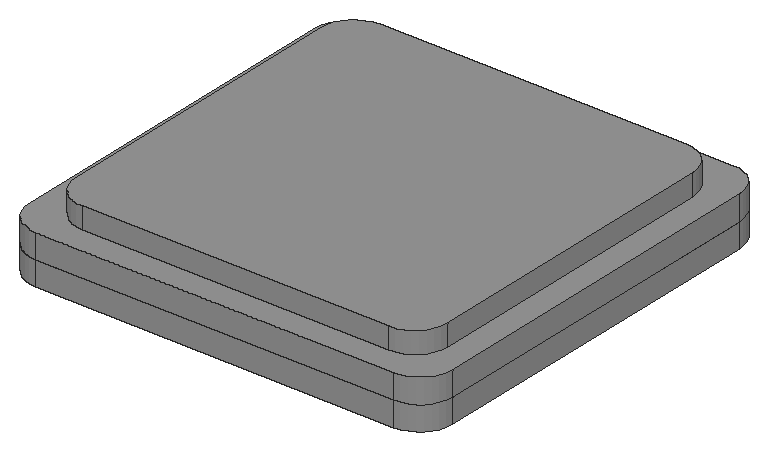
Revit family "FMS2_63_UN_Surface-mounted_ETK", category Lighting Fixtures, Revit 2019 (continued)
Definition of nested family "FMS.2 - Lightsource"
  Parameters (values of type "FMS.1110.10 - Ø270 / 18W / 1120lm / 4000K")
      .5057\t439.0199\t436.5341\r\n434.0483\t431.4244\t428.9386\t426.3147\t423.8289\t421.205\t418.5811\t415.9572\t413.4714\t410.8475\r\n408.2236\t405.7378\t403.1139\t400.49\t398.0042\t395.2422\t392.6183\t389.9944\t387.3705\t384.7466\r\n382.2608\t379.6369\t377.013\t374.3891\t371.7652\t368.3127\t364.8602\t361.4077\t357.9552\t354.5027\r\n351.0502\t347.5977\t344.1452\t340.6927\t337.2402\t333.7877\t330.3352\t326.8827\t323.5683\t320.1158\r\n316.8014\t313.3489\t310.0345\t306.582\t303.2676\t299.8151\t296.5007\t293.0482\t289.7338\t286.4194\r\n282.9669\t279.6525\t276.3381\t273.0237\t269.7093\t266.3949\t262.5281\t258.7994\t254.9326\t251.2039\r\n247.4752\t243.7465\t240.0178\t236.2891\t232.5604\t228.9698\t225.2411\t221.5124\t217.7837\t214.055\r\n210.3263\t206.5976\t203.007\t199.4164\t195.8258\t192.2352\t188.6446\t185.054\t181.6015\t178.0109\r\n174.4203\t170.9678\t167.5153\t163.7866\t160.0579\t156.3292\t152.6005\t149.0099\t145.2812\t141.6906\r\n138.031\t134.4265\t130.8221\t127.2453\t123.6824\t120.1194\t116.584\t113.0487\t109.5133\t105.9917\r\n102.484\t98.9763\t95.4823\t91.9884\t88.4945\t85.0282\t81.5481\t76.7698\t66.6747\t56.5796\r\n46.4983\t36.417\t26.3357\t16.2544\t6.1896\t0\t0\t0\t0\t0\r\n0\t0\t0\t0\t0\t0\t0\t0\t0\t0\r\n0\r\n502.9602\t502.1316\t501.1649\t500.3363\t499.6458\t498.9553\t498.1267\t497.2981\t496.4695\t495.6409\r\n494.8123\t493.9837\t493.017\t492.0503\t491.2217\t490.1169\t489.1502\t488.0454\t486.9406\t485.8358\r\n484.8691\t483.6262\t482.3833\t481.1404\t480.0356\t478.7927\t477.5498\t476.3069\t475.064\t473.683\r\n472.302\t471.0591\t469.6781\t468.2971\t466.778\t465.397\t463.8779\t462.3588\t460.8397\t459.3206\r\n457.8015\t456.1443\t454.0728\t451.587\t449.1012\t446.4773\t443.9915\t441.3676\t438.7437\t436.1198\r\n433.4959\t430.7339\t428.11\t425.4861\t422.8622\t420.1002\t417.4763\t414.8524\t412.2285\t409.3284\r\n406.5664\t403.8044\t401.1805\t398.4185\t395.7946\t393.0326\t390.2706\t387.5086\t384.7466\t381.9846\r\n379.3607\t376.5987\t373.8367\t371.0747\t368.3127\t365.5507\t362.7887\t360.0267\t357.2647\t354.0884\r\n350.4978\t346.9072\t343.4547\t339.8641\t336.4116\t332.821\t329.3685\t325.7779\t322.3254\t318.7348\r\n315.2823\t311.6917\t308.2392\t304.6486\t301.1961\t297.7436\t294.153\t290.7005\t287.248\t283.9336\r\n280.4811\t277.0286\t273.5761\t270.1236\t266.6711\t263.2186\t259.9042\t256.4517\t253.1373\t249.8229\r\n246.2323\t242.3655\t238.4987\t234.6319\t230.9032\t227.0364\t223.3077\t219.579\t215.8503\t212.1216\r\n208.3929\t204.8023\t201.0736\t197.3449\t193.6162\t190.0256\t186.435\t182.7063\t179.1157\t175.5251\r\n171.9345\t168.3439\t164.8914\t161.3008\t157.7102\t154.2577\t150.6671\t147.0765\t143.4859\t139.8953\r\n136.2495\t132.6865\t129.1373\t125.5743\t122.0252\t118.5036\t114.9959\t111.5019\t108.0218\t104.5555\r\n101.103\t97.6505\t94.2256\t90.8007\t87.3897\t83.9924\t80.609\t77.2393\t73.8835\t67.5033\r\n57.5325\t47.5755\t37.6184\t27.6752\t17.732\t7.8027\t0\t0\t0\t0\r\n0\t0\t0\t0\t0\t0\t0\t0\t0\t0\r\n0\r\n502.9602\t502.1316\t501.1649\t500.3363\t499.6458\t498.9553\t498.2648\t497.2981\t496.4695\t495.779\r\n494.9504\t493.9837\t493.017\t492.0503\t491.0836\t489.9788\t488.874\t487.7692\t486.6644\t485.5596\r\n484.3167\t483.0738\t481.8309\t480.588\t479.3451\t478.1022\t476.7212\t475.3402\t473.9592\t472.5782\r\n471.0591\t469.6781\t468.159\t466.6399\t464.9827\t463.4636\t461.8064\t460.2873\t458.6301\t456.9729\r\n455.3157\t453.6585\t452.0013\t450.206\t448.4107\t446.6154\t444.1296\t441.5057\t438.7437\t435.9817\r\n433.3578\t430.5958\t427.9719\t425.2099\t422.3098\t419.4097\t416.5096\t413.8857\t411.1237\t408.3617\r\n405.4616\t402.5615\t399.7995\t396.8994\t393.9993\t391.2373\t388.3372\t385.5752\t382.6751\t379.6369\r\n376.7368\t373.8367\t370.9366\t368.0365\t365.1364\t362.3744\t359.4743\t356.5742\t353.6741\t350.774\r\n347.8739\t344.9738\t342.0737\t339.1736\t336.1354\t332.5448\t328.8161\t325.0874\t321.4968\t317.9062\r\n314.3156\t310.725\t306.9963\t303.4057\t299.677\t296.0864\t292.4958\t288.9052\t285.3146\t281.724\r\n278.1334\t274.5428\t270.9522\t267.4997\t263.9091\t260.4566\t257.0041\t253.5516\t250.0991\t246.5085\r\n243.056\t239.6035\t236.151\t232.6985\t229.246\t225.6554\t221.7886\t217.9218\t214.055\t210.3263\r\n206.4595\t202.7308\t199.0021\t195.2734\t191.5447\t187.816\t184.0873\t180.4967\t176.768\t173.0393\r\n169.4487\t165.8581\t162.2675\t158.6769\t155.2244\t151.6338\t148.0432\t144.5907\t141.1382\t137.6305\r\n134.0813\t130.5183\t126.9691\t123.4476\t119.9398\t116.4597\t113.0072\t109.5547\t106.1437\t102.7326\r\n99.3491\t95.9795\t92.6237\t89.2955\t85.9811\t82.6805\t79.3937\t76.1345\t72.8754\t69.6438\r\n66.4261\t59.5902\t49.7436\t39.9109\t30.092\t20.2731\t10.4638\t0.6596\t0\t0\r\n0\t0\t0\t0\t0\t0\t0\t0\t0\t0\r\n0\r\n502.9602\t502.1316\t501.1649\t500.4744\t499.7839\t499.0934\t498.2648\t497.4362\t496.6076\t495.779\r\n494.9504\t493.9837\t493.017\t492.0503\t490.9455\t489.9788\t488.874\t487.7692\t486.5263\t485.1453\r\n483.9024\t482.7976\t481.5547\t480.1737\t478.9308\t477.4117\t476.0307\t474.5116\t473.1306\t471.6115\r\n470.0924\t468.4352\t466.778\t465.2589\t463.6017\t461.9445\t460.1492\t458.492\t456.6967\t455.0395\r\n453.1061\t451.3108\t449.5155\t447.5821\t445.6487\t443.7153\t441.7819\t439.8485\t437.777\t435.8436\r\n433.7721\t430.872\t427.9719\t425.0718\t422.3098\t419.5478\t416.6477\t413.7476\t410.7094\t407.8093\r\n404.7711\t402.0091\t399.109\t396.0708\t393.0326\t389.9944\t386.9562\t383.918\t381.0179\t377.9797\r\n374.9415\t371.9033\t368.8651\t365.8269\t362.7887\t359.7505\t356.7123\t353.6741\t350.6359\t347.4596\r\n344.4214\t341.3832\t338.345\t335.3068\t332.2686\t329.0923\t326.0541\t323.0159\t319.8396\t316.8014\r\n313.7632\t310.3107\t306.582\t302.7152\t298.9865\t295.2578\t291.391\t287.6623\t284.0717\t280.343\r\n276.7524\t273.0237\t269.4331\t265.7044\t261.9757\t258.247\t254.5183\t250.9277\t247.3371\t243.7465\r\n240.1559\t236.5653\t232.9747\t229.5222\t225.9316\t222.341\t218.7504\t215.2979\t211.8454\t208.3929\r\n204.9404\t201.2117\t197.2068\t193.34\t189.6113\t185.7445\t182.0158\t178.149\t174.4203\t170.6916\r\n166.9629\t163.3723\t159.7817\t156.053\t152.6005\t148.8718\t145.2812\t141.6906\t138.2381\t134.7165\r\n131.2917\t127.8944\t124.511\t121.1689\t117.7302\t114.2777\t110.8391\t107.4418\t104.0583\t100.6887\r\n97.3329\t94.0047\t90.7179\t87.4587\t84.2134\t81.0095\t77.8332\t74.6845\t71.5358\t68.4147\r\n65.3213\t62.2279\t59.162\t52.9337\t43.1977\t33.4754\t23.767\t14.0586\t4.3626\t0\r\n0\t0\t0\t0\t0\t0\t0\t0\t0\t0\r\n0\r\n502.9602\t502.1316\t501.1649\t500.4744\t499.922\t499.2315\t498.4029\t497.5743\t496.7457\t496.0552\r\n495.0885\t494.1218\t493.1551\t492.0503\t491.0836\t489.9788\t488.874\t487.6311\t486.2501\t485.0072\r\n483.9024\t482.6595\t481.2785\t479.8975\t478.5165\t476.9974\t475.4783\t473.9592\t472.4401\t470.7829\r\n469.1257\t467.4685\t465.8113\t464.1541\t462.3588\t460.7016\t458.9063\t456.9729\t455.1776\t453.2442\r\n451.3108\t449.2393\t447.3059\t445.2344\t443.301\t441.2295\t439.158\t437.0865\t434.8769\t432.5292\r\n430.4577\t428.2481\t426.0385\t423.8289\t421.6193\t419.1335\t416.7858\t414.1619\t411.2618\t408.2236\r\n405.1854\t402.0091\t398.9709\t395.7946\t392.7564\t389.7182\t386.5419\t383.3656\t380.1893\t377.1511\r\n373.9748\t370.7985\t367.6222\t364.3078\t361.1315\t357.9552\t354.7789\t351.6026\t348.4263\t345.1119\r\n341.9356\t338.6212\t335.4449\t332.1305\t328.8161\t325.6398\t322.4635\t319.1491\t315.9728\t312.6584\r\n309.4821\t306.1677\t302.9914\t299.9532\t296.7769\t293.6006\t290.4243\t286.9718\t283.6574\t279.9287\r\n276.2\t272.4713\t268.6045\t264.7377\t260.8709\t257.0041\t253.1373\t249.4086\t245.5418\t241.8131\r\n238.0844\t234.3557\t230.4889\t226.7602\t223.1696\t219.4409\t215.7122\t211.9835\t208.3929\t204.8023\r\n201.2117\t197.6211\t194.0305\t190.4399\t186.8493\t183.2587\t179.8062\t176.3537\t172.4869\t168.6201\r\n164.7533\t161.0246\t157.2959\t153.5672\t149.8385\t146.2479\t142.5192\t138.9286\t135.4485\t131.8717\r\n128.3363\t124.8286\t121.3485\t117.9374\t114.554\t111.1981\t107.8561\t104.5693\t101.2963\t98.0234\r\n94.7642\t91.5327\t88.3288\t85.1525\t82.0176\t78.8965\t75.8307\t72.7787\t69.7681\t66.7713\r\n63.8022\t60.8469\t57.9191\t55.019\t52.1328\t47.4926\t37.8394\t28.1862\t18.5468\t8.9005\r\n0\t0\t0\t0\t0\t0\t0\t0\t0\t0\r\n0\r\n502.9602\t502.1316\t501.303\t500.6125\t500.0601\t499.3696\t498.541\t497.7124\t497.0219\t496.1933\r\n495.2266\t494.2599\t493.2932\t492.3265\t491.2217\t490.1169\t488.874\t487.6311\t486.3882\t485.1453\r\n483.9024\t482.5214\t481.2785\t479.7594\t478.2403\t476.7212\t475.2021\t473.683\t472.0258\t470.3686\r\n468.7114\t466.9161\t465.2589\t463.4636\t461.6683\t459.7349\t457.8015\t455.8681\t453.9347\t451.8632\r\n449.9298\t447.7202\t445.6487\t443.5772\t441.5057\t439.2961\t437.0865\t434.7388\t432.5292\t430.3196\r\n427.9719\t425.6242\t423.1384\t420.7907\t418.443\t416.0953\t413.6095\t411.1237\t408.6379\t406.014\r\n403.3901\t400.9043\t398.2804\t395.6565\t393.0326\t390.2706\t387.0943\t383.918\t380.6036\t377.1511\r\n373.8367\t370.6604\t367.346\t364.0316\t360.7172\t357.2647\t353.9503\t350.6359\t347.1834\t343.869\r\n340.4165\t336.964\t333.6496\t330.1971\t326.8827\t323.4302\t320.1158\t316.6633\t313.3489\t309.8964\r\n306.582\t303.1295\t299.5389\t296.0864\t292.772\t289.3195\t286.0051\t282.6907\t279.2382\t275.7857\r\n272.3332\t269.0188\t265.5663\t262.2519\t258.7994\t255.485\t252.1706\t248.8562\t245.2656\t241.2607\r\n237.1177\t233.2509\t229.3841\t225.5173\t221.6505\t217.6456\t213.7788\t209.912\t206.1833\t202.3165\r\n198.5878\t194.721\t190.9923\t187.2636\t183.5349\t179.8062\t176.0775\t172.4869\t168.7582\t165.1676\r\n161.577\t158.1245\t154.672\t151.0814\t147.6289\t143.9002\t140.0334\t136.4014\t132.7417\t129.1097\r\n125.4915\t121.9285\t118.4069\t114.8854\t111.3915\t107.9252\t104.5003\t101.0892\t97.7334\t94.3913\r\n91.1184\t87.9421\t84.821\t81.7276\t78.7032\t75.7064\t72.7511\t69.8372\t66.9647\t64.1198\r\n61.3302\t58.5682\t55.8476\t53.1547\t50.4894\t47.8516\t45.2416\t42.6453\t33.5169\t23.8637\r\n14.2243\t4.5877\t0\t0\t0\t0\t0\t0\t0\t0\r\n0\r\n502.9602\t502.1316\t501.303\t500.7506\t500.1982\t499.5077\t498.6791\t497.9886\t497.16\t496.4695\r\n495.5028\t494.5361\t493.5694\t492.6027\t491.4979\t490.3931\t489.0121\t487.7692\t486.6644\t485.4215\r\n484.1786\t482.7976\t481.2785\t479.7594\t478.3784\t476.8593\t475.2021\t473.5449\t471.8877\t470.2305\r\n468.4352\t466.778\t464.9827\t463.0493\t461.1159\t459.1825\t457.2491\t455.1776\t453.1061\t451.0346\r\n448.9631\t446.8916\t444.682\t442.4724\t440.2628\t437.9151\t435.5674\t433.3578\t430.872\t428.5243\r\n426.0385\t423.5527\t421.0669\t418.7192\t416.2334\t413.6095\t410.9856\t408.3617\t405.7378\t403.1139\r\n400.3519\t397.5899\t394.8279\t392.204\t389.5801\t386.68\t383.7799\t380.8798\t378.1178\t375.2177\r\n372.3176\t369.4175\t366.3793\t363.3411\t360.441\t357.5409\t354.5027\t350.9121\t347.4596\t344.0071\r\n340.4165\t337.1021\t333.5115\t329.9209\t326.3303\t322.8778\t319.4253\t315.8347\t312.106\t308.3773\r\n304.9248\t301.3342\t297.8817\t294.4292\t290.7005\t286.9718\t283.3812\t279.9287\t276.3381\t272.7475\r\n269.0188\t265.5663\t261.9757\t258.3851\t254.7945\t251.2039\t247.6133\t244.1608\t240.4321\t236.8415\r\n233.389\t229.7984\t226.3459\t222.7553\t219.3028\t215.7122\t212.2597\t208.6691\t205.2166\t201.4879\r\n197.483\t193.6162\t189.4732\t185.4683\t181.6015\t177.7347\t173.8679\t170.0011\t166.1343\t162.4056\r\n158.5388\t154.672\t150.9433\t147.2146\t143.624\t139.8953\t136.2909\t132.7003\t129.1649\t125.6572\r\n122.2047\t118.8489\t115.5345\t112.0267\t108.3947\t104.8179\t101.2963\t97.8991\t94.5433\t91.2427\r\n87.9973\t84.7934\t81.6585\t78.5651\t75.5407\t72.5577\t69.6162\t66.7299\t63.9127\t61.1507\r\n58.4301\t55.7648\t53.1271\t50.5308\t47.9898\t45.4901\t43.032\t40.6152\t38.2399\t35.8922\r\n30.0782\t20.3697\t10.6572\t0.9483\t0\t0\t0\t0\t0\t0\r\n0\r\n502.9602\t502.1316\t501.303\t500.8887\t500.3363\t499.6458\t498.9553\t498.2648\t497.5743\t496.7457\r\n495.779\t494.8123\t493.9837\t492.8789\t491.9122\t490.6693\t489.4264\t488.1835\t487.0787\t485.8358\r\n484.4548\t483.0738\t481.6928\t480.1737\t478.6546\t477.1355\t475.4783\t473.8211\t472.1639\t470.5067\r\n468.7114\t466.9161\t464.9827\t463.1874\t461.1159\t459.1825\t457.111\t455.0395\t452.968\t450.8965\r\n448.6869\t446.4773\t444.2677\t442.0581\t439.7104\t437.3627\t435.015\t432.5292\t430.0434\t427.5576\r\n425.0718\t422.586\t419.9621\t417.4763\t414.8524\t412.2285\t409.4665\t406.7045\t403.9425\t401.1805\r\n398.4185\t395.6565\t392.8945\t389.9944\t386.9562\t384.0561\t381.156\t378.2559\t375.2177\t372.3176\r\n369.1413\t366.1031\t363.0649\t360.0267\t356.8504\t353.6741\t350.4978\t347.3215\t344.1452\t341.107\r\n337.7926\t334.6163\t331.3019\t328.2637\t324.9493\t321.3587\t318.0443\t314.7299\t311.4155\t308.2392\r\n305.0629\t301.4723\t298.0198\t294.2911\t290.7005\t286.9718\t283.105\t279.3763\t275.6476\t271.9189\r\n268.1902\t264.4615\t260.7328\t256.866\t253.1373\t249.2705\t245.5418\t241.675\t237.9463\t234.0795\r\n230.3508\t226.7602\t222.8934\t219.1647\t215.2979\t211.5692\t207.8405\t204.1118\t200.3831\t196.6544\r\n192.9257\t189.3351\t185.7445\t182.0158\t178.2871\t174.4203\t170.8297\t167.3772\t163.7866\t160.0579\r\n156.6054\t153.0148\t149.4242\t145.4193\t141.5525\t137.6305\t133.667\t129.745\t126.0853\t122.4395\r\n118.8074\t115.1892\t111.5986\t108.008\t104.4727\t101.0063\t97.6229\t94.2671\t91.0079\t87.8454\r\n84.7382\t81.6447\t78.3441\t75.1402\t72.033\t69.0224\t66.067\t63.2222\t60.4326\t57.6844\r\n55.0052\t52.4366\t49.9508\t47.534\t45.1173\t42.7281\t40.3942\t38.1294\t35.9198\t33.7793\r\n31.6939\t29.6501\t27.6476\t18.0497\t7.8841\t0\t0\t0\t0\t0\r\n0\r\n502.9602\t502.2697\t501.4411\t501.0268\t500.4744\t499.7839\t499.0934\t498.541\t497.8505\t497.0219\r\n496.1933\t495.2266\t494.398\t493.2932\t492.3265\t491.0836\t489.8407\t488.7359\t487.6311\t486.3882\r\n485.1453\t483.6262\t482.2452\t480.7261\t479.207\t477.6879\t476.0307\t474.3735\t472.7163\t471.0591\r\n469.2638\t467.4685\t465.5351\t463.6017\t461.6683\t459.5968\t457.5253\t455.4538\t453.3823\t451.1727\r\n449.1012\t446.8916\t444.5439\t442.3343\t439.9866\t437.5008\t435.015\t432.5292\t430.0434\t427.5576\r\n424.9337\t422.4479\t419.824\t417.3382\t414.5762\t411.8142\t409.0522\t406.1521\t403.3901\t400.6281\r\n397.8661\t395.1041\t391.9278\t388.8896\t385.9895\t382.9513\t380.0512\t377.013\t373.9748\t370.7985\r\n367.6222\t364.584\t361.4077\t358.2314\t355.0551\t351.7407\t348.4263\t345.25\t341.9356\t338.7593\r\n335.4449\t332.1305\t328.678\t325.2255\t321.773\t318.3205\t315.0061\t311.6917\t308.2392\t304.6486\r\n301.1961\t297.7436\t294.2911\t290.7005\t287.1099\t283.6574\t280.0668\t276.6143\t273.1618\t269.4331\r\n265.8425\t262.2519\t258.6613\t255.0707\t251.342\t247.7514\t244.0227\t240.4321\t236.9796\t233.2509\r\n229.5222\t225.7935\t222.2029\t218.4742\t214.8836\t210.8787\t207.0119\t203.007\t199.1402\t195.2734\r\n191.2685\t187.2636\t183.2587\t179.3919\t175.387\t171.3821\t167.5153\t163.7866\t159.9198\t156.053\r\n152.1862\t148.3194\t144.4526\t140.862\t137.1195\t133.4322\t129.7726\t126.0715\t122.3428\t118.7246\r\n115.1892\t111.6953\t108.2428\t104.8041\t101.3792\t97.9958\t94.6261\t91.0908\t87.4173\t83.8267\r\n80.3466\t77.0736\t73.8559\t70.721\t67.669\t64.686\t61.7721\t58.9135\t56.1929\t53.5966\r\n51.097\t48.4869\t45.8768\t43.3772\t40.9743\t38.668\t36.4722\t34.3869\t32.4259\t30.5201\r\n28.6419\t26.8605\t25.1894\t23.5875\t22.0546\t17.2901\t5.7298\t0\t0\t0\r\n0\r\n502.9602\t502.2697\t501.5792\t501.1649\t500.7506\t500.0601\t499.3696\t498.8172\t498.2648\t497.4362\r\n496.6076\t495.779\t494.9504\t493.9837\t492.8789\t491.7741\t490.5312\t489.4264\t488.3216\t487.0787\r\n485.8358\t484.4548\t482.9357\t481.5547\t480.1737\t478.5165\t476.9974\t475.3402\t473.683\t472.0258\r\n470.3686\t468.4352\t466.5018\t464.5684\t462.635\t460.5635\t458.6301\t456.5586\t454.349\t452.2775\r\n450.0679\t447.8583\t445.6487\t443.301\t440.9533\t438.4675\t435.8436\t433.4959\t431.1482\t428.5243\r\n425.9004\t423.2765\t420.7907\t418.1668\t415.4048\t412.6428\t409.7427\t406.9807\t404.0806\t401.3186\r\n398.6947\t395.6565\t392.4802\t389.442\t386.5419\t383.5037\t380.6036\t377.4273\t374.251\t371.2128\r\n368.0365\t364.9983\t361.822\t358.5076\t355.1932\t351.8788\t348.5644\t345.25\t342.0737\t338.6212\r\n335.3068\t331.7162\t328.2637\t324.8112\t321.4968\t318.0443\t314.5918\t311.1393\t307.4106\t303.9581\r\n300.5056\t296.915\t293.1863\t289.5957\t286.0051\t282.4145\t278.8239\t275.2333\t271.5046\t267.7759\r\n264.0472\t260.3185\t256.7279\t252.8611\t249.1324\t245.4037\t241.8131\t238.0844\t234.3557\t230.4889\r\n226.6221\t222.7553\t219.0266\t215.2979\t211.5692\t207.7024\t203.8356\t199.9688\t196.102\t192.2352\r\n188.3684\t184.5016\t180.4967\t176.6299\t172.9012\t169.1725\t165.3057\t161.4389\t157.5721\t153.5672\r\n149.8385\t146.1098\t142.243\t138.5143\t134.758\t130.9878\t127.1349\t123.2819\t119.6222\t116.004\r\n112.2891\t108.5742\t104.9974\t101.4759\t97.9405\t94.2394\t90.5936\t87.0168\t83.4676\t79.9461\r\n76.5212\t73.193\t69.9062\t66.6747\t63.4846\t60.4464\t57.4358\t54.4943\t51.608\t48.8598\r\n46.1806\t43.5982\t41.0986\t38.6404\t36.0717\t33.5997\t31.3211\t29.1529\t27.109\t25.2309\r\n23.4632\t21.9855\t20.6874\t19.555\t18.6021\t17.6768\t16.9034\t16.282\t4.2549\t0\r\n0"
    Model = "FMS.1"
    Manufacturer = "ETK B.V."
    built-in parameter 1150105 = 89.127 (stored number, unit not read)
    Lumens = 1120 lm
    built-in parameter 1150115 = 1 (stored number, unit not read)
    built-in parameter 1150137 = (empty or 0)
    built-in parameter 1150139 = (empty or 0)
    built-in parameter 1150112 = 1 (stored number, unit not read)
    built-in parameter 1150114 = 1 (stored number, unit not read)
    Lamp = "LED"
    built-in parameter 1150132 = 2
    built-in parameter 1150102 = (empty or 0)
    built-in parameter 1150107 = 4000 (stored number, unit not read)
    built-in parameter 1150138 = (empty or 0)
    built-in parameter 1150106 = 0.89127 (stored number, unit not read)
    built-in parameter 1150104 = 13.8 (stored number, unit not read)
    Dimming Lamp Color Temperature Shift = (empty or 0)
    Description = "Light sources"
    Default Elevation = 0 mm
    Copyright © IVLighting = "www.ivlighting.nl"
    Color Filter = 16777215
    Bundle = "110°"
    built-in parameter 1114218 = 1 (stored number, unit not read)
    built-in parameter 1150133 = 10 (stored number, unit not read)
    Assembly Code = "63.0"
    Apparent Load = 18 VA
